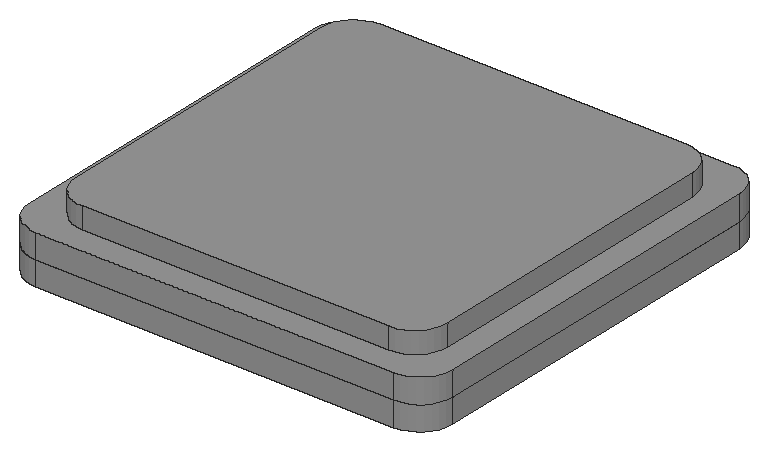
Revit family "FMS2_63_UN_Surface-mounted_ETK", category Lighting Fixtures, Revit 2019 (continued)
Definition of nested family "FMS.2 - Lightsource"
  Types (14, lengths in mm): name | Wattage Comments | Wattage | built-in parameter 1150134 | Photometric Web File | built-in parameter 1150142 | built-in parameter 1150105 | Lumens | built-in parameter 1150107 | built-in parameter 1150106 | Apparent Load
      6301\t456.8348\t455.1776\t453.3823\t451.7251\r\n449.9298\t448.2726\t446.063\t443.4391\t440.6771\t437.777\t435.015\t432.3911\t429.7672\t427.0052\r\n424.1051\t421.3431\t418.443\t415.681\t412.7809\t410.0189\t407.2569\t404.4949\t401.5948\t398.6947\r\n395.7946\t393.0326\t390.1325\t387.3705\t384.6085\t381.5703\t378.6702\t375.7701\t372.7319\t369.8318\r\n366.9317\t364.1697\t361.2696\t358.5076\t355.6075\t352.7074\t349.6692\t346.7691\t343.869\t340.6927\r\n337.1021\t333.3734\t329.7828\t326.1922\t322.6016\t319.011\t315.4204\t311.8298\t308.2392\t304.6486\r\n301.058\t297.4674\t293.8768\t290.2862\t286.6956\t283.105\t279.5144\t276.0619\t272.4713\t268.8807\r\n265.2901\t261.8376\t258.3851\t254.9326\t251.4801\t248.0276\t244.5751\t241.1226\t237.6701\t234.2176\r\n230.627\t226.7602\t222.8934\t219.0266\t215.2979\t211.4311\t207.7024\t203.8356\t200.1069\t196.3782\r\n192.6495\t188.9208\t185.1921\t181.4634\t177.8728\t174.1441\t170.5535\t166.8248\t163.2342\t159.6436\r\n156.053\t152.4624\t148.8718\t145.2812\t141.8287\t138.2381\t134.7718\t131.2088\t127.6596\t124.1243\r\n120.6027\t117.095\t113.6149\t110.1624\t106.7099\t103.285\t99.8739\t96.4628\t93.0794\t89.696\r\n86.3263\t82.9705\t79.6285\t76.3003\t72.972\t69.6715\t66.3709\t63.0841\t59.8111\t54.3562\r\n46.3325\t38.3089\t30.2991\t22.2893\t14.2934\t6.2863\t0\t0\t0\t0\r\n0\t0\t0\t0\t0\t0\t0\t0\t0\t0\r\n0\r\n502.9602\t501.8554\t500.7506\t499.6458\t498.6791\t497.7124\t496.8838\t495.779\t494.6742\t493.7075\r\n492.6027\t491.636\t490.5312\t489.4264\t488.3216\t487.2168\t485.9739\t484.731\t483.4881\t482.2452\r\n480.8642\t479.6213\t478.3784\t476.9974\t475.6164\t474.3735\t472.9925\t471.6115\t470.2305\t468.8495\r\n467.3304\t465.9494\t464.4303\t462.9112\t461.3921\t459.873\t458.3539\t456.9729\t455.4538\t453.2442\r\n450.6203\t447.8583\t445.2344\t442.6105\t439.8485\t437.2246\t434.6007\t431.9768\t429.3529\t426.5909\r\n423.8289\t421.0669\t418.443\t415.681\t413.0571\t410.2951\t407.5331\t404.7711\t402.0091\t399.2471\r\n396.4851\t393.7231\t390.9611\t388.3372\t385.5752\t382.8132\t380.0512\t377.2892\t374.5272\t371.7652\r\n369.0032\t366.2412\t363.4792\t360.5791\t357.8171\t354.0884\t350.6359\t347.0453\t343.4547\t340.0022\r\n336.5497\t332.9591\t329.5066\t325.916\t322.4635\t318.8729\t315.2823\t311.8298\t308.2392\t304.7867\r\n301.3342\t297.8817\t294.2911\t290.8386\t287.3861\t283.9336\t280.4811\t277.0286\t273.5761\t270.1236\r\n266.6711\t263.2186\t259.9042\t256.4517\t252.9992\t249.6848\t245.818\t241.9512\t238.2225\t234.3557\r\n230.627\t226.7602\t223.0315\t219.1647\t215.436\t211.7073\t207.9786\t204.2499\t200.5212\t196.7925\r\n193.2019\t189.4732\t185.7445\t182.1539\t178.5633\t174.8346\t171.244\t167.6534\t164.0628\t160.4722\r\n156.8816\t153.291\t149.7004\t146.1098\t142.5192\t138.9286\t135.338\t131.7612\t128.212\t124.6629\r\n121.1275\t117.5922\t114.0706\t110.5629\t107.0689\t103.575\t100.1087\t96.6424\t93.2037\t89.765\r\n86.3401\t82.9152\t79.5042\t76.0931\t72.6958\t69.3124\t65.9289\t61.6064\t53.4999\t45.4073\r\n37.3008\t29.222\t21.1293\t13.0463\t4.9661\t0\t0\t0\t0\t0\r\n0\t0\t0\t0\t0\t0\t0\t0\t0\t0\r\n0\r\n502.9602\t501.8554\t500.7506\t499.6458\t498.6791\t497.7124\t496.7457\t495.779\t494.6742\t493.5694\r\n492.6027\t491.4979\t490.3931\t489.4264\t488.3216\t487.2168\t486.112\t484.8691\t483.7643\t482.5214\r\n481.2785\t480.0356\t478.7927\t477.4117\t476.1688\t474.9259\t473.5449\t472.302\t471.0591\t469.6781\r\n468.2971\t466.9161\t465.5351\t464.2922\t462.9112\t461.5302\t460.0111\t457.6634\t455.0395\t452.5537\r\n450.0679\t447.5821\t444.9582\t442.4724\t439.8485\t437.2246\t434.4626\t431.8387\t429.2148\t426.5909\r\n423.967\t421.3431\t418.7192\t416.2334\t413.4714\t410.8475\t408.2236\t405.4616\t402.8377\t400.2138\r\n397.5899\t394.966\t392.3421\t389.5801\t386.9562\t384.1942\t381.5703\t378.9464\t376.3225\t373.6986\r\n371.0747\t367.7603\t364.3078\t360.8553\t357.4028\t353.9503\t350.4978\t347.0453\t343.5928\t340.0022\r\n336.6878\t333.2353\t329.7828\t326.1922\t322.7397\t319.2872\t315.8347\t312.3822\t308.9297\t305.4772\r\n302.0247\t298.7103\t295.2578\t291.9434\t288.4909\t285.1765\t281.724\t278.2715\t274.9571\t271.5046\r\n268.1902\t264.8758\t261.1471\t257.4184\t253.5516\t249.8229\t245.9561\t242.2274\t238.4987\t234.6319\r\n230.9032\t227.1745\t223.4458\t219.7171\t215.9884\t212.2597\t208.531\t204.9404\t201.2117\t197.483\r\n193.8924\t190.1637\t186.5731\t182.8444\t179.2538\t175.5251\t171.9345\t168.3439\t164.7533\t161.1627\r\n157.434\t153.8434\t150.1147\t146.5241\t142.9335\t139.3429\t135.7385\t132.1617\t128.5849\t125.0219\r\n121.4728\t117.9236\t114.3882\t110.8529\t107.3175\t103.7822\t100.2606\t96.739\t93.2313\t89.7236\r\n86.2296\t82.7357\t79.2556\t75.7893\t72.3092\t68.8428\t61.7998\t53.6104\t45.4349\t37.2594\r\n29.0839\t20.9222\t12.7535\t4.5891\t0\t0\t0\t0\t0\t0\r\n0\t0\t0\t0\t0\t0\t0\t0\t0\t0\r\n0\r\n502.9602\t501.8554\t500.7506\t499.6458\t498.541\t497.5743\t496.6076\t495.6409\t494.6742\t493.5694\r\n492.6027\t491.4979\t490.3931\t489.4264\t488.3216\t487.2168\t486.2501\t485.1453\t483.9024\t482.7976\r\n481.6928\t480.4499\t479.3451\t478.1022\t476.8593\t475.6164\t474.3735\t473.1306\t471.8877\t470.6448\r\n469.4019\t468.159\t466.9161\t465.6732\t464.2922\t462.2207\t459.7349\t457.2491\t454.7633\t452.4156\r\n449.9298\t447.444\t444.8201\t442.3343\t439.7104\t437.2246\t434.7388\t432.253\t429.6291\t427.1433\r\n424.6575\t422.0336\t419.4097\t416.9239\t414.3\t411.6761\t409.1903\t406.5664\t404.0806\t401.4567\r\n398.8328\t396.347\t393.7231\t391.2373\t388.6134\t385.9895\t383.5037\t380.8798\t377.8416\t374.3891\r\n370.9366\t367.6222\t364.1697\t360.7172\t357.2647\t353.9503\t350.4978\t347.1834\t343.7309\t340.2784\r\n336.964\t333.5115\t330.1971\t326.7446\t323.4302\t319.9777\t316.6633\t313.2108\t309.8964\t306.582\r\n303.1295\t299.8151\t296.5007\t293.1863\t289.8719\t286.4194\t283.105\t279.7906\t276.4762\t272.8856\r\n269.0188\t265.2901\t261.4233\t257.6946\t253.9659\t250.2372\t246.3704\t242.6417\t238.913\t235.1843\r\n231.4556\t227.7269\t223.9982\t220.2695\t216.6789\t212.9502\t209.2215\t205.6309\t201.9022\t198.1735\r\n194.5829\t190.8542\t187.2636\t183.673\t179.9443\t176.3537\t172.7631\t169.0344\t165.4438\t161.7151\r\n158.1245\t154.3958\t150.8052\t147.0765\t143.4859\t139.8953\t136.1942\t132.576\t128.9578\t125.3534\r\n121.749\t118.1722\t114.5816\t111.0048\t107.428\t103.865\t100.2882\t96.739\t93.1761\t89.6269\r\n86.0777\t82.5286\t78.9932\t75.444\t71.301\t63.0288\t54.7705\t46.4983\t38.2399\t29.9953\r\n21.7369\t13.4896\t5.2423\t0\t0\t0\t0\t0\t0\t0\r\n0\t0\t0\t0\t0\t0\t0\t0\t0\t0\r\n0\r\n502.9602\t501.8554\t500.7506\t499.6458\t498.6791\t497.5743\t496.6076\t495.6409\t494.6742\t493.7075\r\n492.6027\t491.636\t490.5312\t489.4264\t488.4597\t487.3549\t486.3882\t485.2834\t484.1786\t483.2119\r\n482.1071\t481.0023\t479.8975\t478.7927\t477.6879\t476.445\t475.3402\t474.0973\t472.8544\t471.7496\r\n470.5067\t469.2638\t468.0209\t466.778\t464.4303\t461.9445\t459.5968\t457.2491\t454.7633\t452.2775\r\n449.9298\t447.444\t444.9582\t442.4724\t440.1247\t437.6389\t435.1531\t432.6673\t430.1815\t427.6957\r\n425.2099\t422.7241\t420.2383\t417.7525\t415.2667\t412.7809\t410.4332\t407.9474\t405.4616\t402.9758\r\n400.49\t398.0042\t395.5184\t393.0326\t390.5468\t388.061\t384.6085\t381.2941\t377.8416\t374.5272\r\n371.0747\t367.7603\t364.4459\t360.9934\t357.679\t354.3646\t351.0502\t347.7358\t344.2833\t340.9689\r\n337.6545\t334.3401\t331.0257\t327.7113\t324.2588\t320.9444\t317.63\t314.3156\t311.0012\t307.6868\r\n304.3724\t301.058\t297.8817\t294.5673\t291.2529\t287.9385\t284.486\t280.7573\t276.8905\t273.1618\r\n269.4331\t265.7044\t261.8376\t258.1089\t254.3802\t250.6515\t246.9228\t243.3322\t239.6035\t235.8748\r\n232.1461\t228.4174\t224.6887\t221.0981\t217.3694\t213.6407\t210.0501\t206.3214\t202.7308\t199.0021\r\n195.4115\t191.6828\t188.0922\t184.3635\t180.7729\t177.0442\t173.4536\t169.7249\t165.9962\t162.4056\r\n158.6769\t154.9482\t151.3576\t147.6289\t144.0383\t140.3096\t136.7052\t133.0455\t129.3859\t125.74\r\n122.0942\t118.4622\t114.8302\t111.1981\t107.5799\t103.9617\t100.3435\t96.7252\t93.1208\t89.5164\r\n85.912\t82.3214\t78.7308\t73.704\t65.3627\t57.0215\t48.6803\t40.339\t32.0116\t23.6703\r\n15.3429\t7.0072\t0\t0\t0\t0\t0\t0\t0\t0\r\n0\t0\t0\t0\t0\t0\t0\t0\t0\t0\r\n0\r\n502.9602\t501.8554\t500.8887\t499.7839\t498.6791\t497.7124\t496.6076\t495.6409\t494.6742\t493.7075\r\n492.7408\t491.7741\t490.8074\t489.7026\t488.5978\t487.6311\t486.5263\t485.5596\t484.4548\t483.4881\r\n482.3833\t481.4166\t480.4499\t479.3451\t478.2403\t477.2736\t476.1688\t475.064\t474.0973\t472.9925\r\n471.8877\t470.6448\t469.4019\t466.9161\t464.4303\t462.0826\t459.5968\t457.2491\t454.7633\t452.4156\r\n450.0679\t447.5821\t445.2344\t442.8867\t440.4009\t438.0532\t435.7055\t433.2197\t430.872\t428.3862\r\n426.0385\t423.6908\t421.205\t418.8573\t416.5096\t414.1619\t411.6761\t409.1903\t406.8426\t404.3568\r\n402.0091\t399.5233\t397.1756\t394.6898\t391.5135\t388.1991\t384.8847\t381.5703\t378.2559\t374.9415\r\n371.6271\t368.3127\t364.9983\t361.6839\t358.3695\t355.0551\t351.7407\t348.4263\t345.1119\t341.9356\r\n338.6212\t335.3068\t331.9924\t328.678\t325.3636\t322.0492\t318.7348\t315.5585\t312.2441\t308.9297\r\n305.6153\t302.439\t299.1246\t295.9483\t292.4958\t288.7671\t285.0384\t281.3097\t277.581\t273.8523\r\n270.1236\t266.3949\t262.6662\t258.9375\t255.2088\t251.4801\t247.7514\t244.0227\t240.294\t236.5653\r\n232.8366\t229.246\t225.5173\t221.7886\t218.0599\t214.3312\t210.7406\t207.0119\t203.2832\t199.6926\r\n195.9639\t192.3733\t188.6446\t185.054\t181.3253\t177.5966\t174.006\t170.2773\t166.5486\t162.8199\r\n159.2293\t155.5006\t151.7719\t148.1813\t144.4526\t140.7239\t137.0781\t133.4046\t129.7311\t126.0577\r\n122.398\t118.7246\t115.0649\t111.4053\t107.7594\t104.0998\t100.4401\t96.7943\t93.1485\t89.5026\r\n85.8568\t82.2109\t77.2946\t68.8705\t60.4602\t52.0361\t43.612\t35.2017\t26.7776\t18.3673\r\n9.9584\t1.5467\t0\t0\t0\t0\t0\t0\t0\t0\r\n0\t0\t0\t0\t0\t0\t0\t0\t0\t0\r\n0\r\n502.9602\t501.9935\t500.8887\t499.7839\t498.8172\t497.8505\t496.7457\t495.779\t494.8123\t493.8456\r\n492.8789\t491.9122\t490.9455\t489.9788\t489.0121\t487.9073\t486.9406\t485.9739\t485.0072\t483.9024\r\n482.9357\t481.969\t480.8642\t479.8975\t478.9308\t477.826\t476.8593\t475.8926\t474.7878\t473.8211\r\n472.8544\t471.7496\t469.54\t467.1923\t464.8446\t462.4969\t460.1492\t457.8015\t455.4538\t453.1061\r\n450.7584\t448.2726\t445.9249\t443.5772\t441.0914\t438.7437\t436.396\t434.0483\t431.7006\t429.2148\r\n426.8671\t424.5194\t422.1717\t419.824\t417.4763\t415.2667\t412.919\t410.4332\t408.0855\t405.7378\r\n403.3901\t400.9043\t398.2804\t394.966\t391.7897\t388.4753\t385.1609\t381.9846\t378.6702\t375.4939\r\n372.1795\t369.0032\t365.6888\t362.5125\t359.1981\t356.0218\t352.7074\t349.393\t346.0786\t342.9023\r\n339.5879\t336.4116\t333.0972\t329.7828\t326.6065\t323.2921\t320.1158\t316.8014\t313.6251\t310.3107\r\n307.1344\t303.82\t300.6437\t296.915\t293.1863\t289.4576\t285.7289\t282.0002\t278.2715\t274.5428\r\n270.8141\t267.0854\t263.3567\t259.628\t255.8993\t252.1706\t248.58\t244.8513\t241.1226\t237.3939\r\n233.6652\t229.9365\t226.3459\t222.6172\t218.8885\t215.2979\t211.5692\t207.8405\t204.2499\t200.5212\r\n196.7925\t193.2019\t189.4732\t185.7445\t182.0158\t178.2871\t174.5584\t170.8297\t167.101\t163.5104\r\n159.7817\t156.053\t152.3243\t148.5956\t144.8669\t141.1382\t137.5062\t133.8051\t130.104\t126.4167\r\n122.7157\t119.0284\t115.3411\t111.64\t107.9528\t104.2655\t100.5782\t96.891\t93.2175\t89.5302\r\n85.843\t82.059\t73.5659\t65.0727\t56.5796\t48.1002\t39.6071\t31.1277\t22.6346\t14.1553\r\n5.6704\t0\t0\t0\t0\t0\t0\t0\t0\t0\r\n0\t0\t0\t0\t0\t0\t0\t0\t0\t0\r\n0\r\n502.9602\t501.9935\t501.0268\t499.922\t498.9553\t497.9886\t497.0219\t495.9171\t494.9504\t493.9837\r\n493.017\t492.0503\t491.0836\t490.1169\t489.1502\t488.3216\t487.3549\t486.3882\t485.4215\t484.4548\r\n483.4881\t482.5214\t481.5547\t480.588\t479.6213\t478.6546\t477.6879\t476.7212\t475.7545\t474.7878\r\n473.8211\t472.0258\t469.6781\t467.4685\t465.1208\t462.7731\t460.4254\t458.0777\t455.8681\t453.5204\r\n451.1727\t448.825\t446.6154\t444.2677\t441.92\t439.5723\t437.2246\t435.015\t432.6673\t430.3196\r\n427.9719\t425.7623\t423.4146\t421.0669\t418.7192\t416.3715\t414.1619\t411.8142\t409.4665\t407.2569\r\n404.9092\t402.2853\t399.109\t395.7946\t392.4802\t389.3039\t385.9895\t382.8132\t379.4988\t376.3225\r\n373.0081\t369.8318\t366.5174\t363.203\t360.0267\t356.8504\t353.536\t350.3597\t347.0453\t343.869\r\n340.5546\t337.3783\t334.0639\t330.8876\t327.7113\t324.3969\t321.2206\t317.9062\t314.7299\t311.5536\r\n308.2392\t305.0629\t301.3342\t297.6055\t293.8768\t290.1481\t286.4194\t282.8288\t279.1001\t275.3714\r\n271.6427\t267.914\t264.3234\t260.5947\t256.866\t253.1373\t249.4086\t245.818\t242.0893\t238.3606\r\n234.6319\t230.9032\t227.1745\t223.5839\t219.8552\t216.1265\t212.3978\t208.6691\t205.0785\t201.3498\r\n197.6211\t194.0305\t190.3018\t186.435\t182.7063\t178.9776\t175.2489\t171.5202\t167.7915\t164.0628\r\n160.3341\t156.6054\t152.8767\t149.148\t145.4193\t141.6906\t138.031\t134.3022\t130.5874\t126.8725\r\n123.1438\t119.4289\t115.7002\t111.9853\t108.2704\t104.5555\t100.8406\t97.1257\t93.4108\t89.696\r\n85.9811\t79.5318\t70.9834\t62.4212\t53.8728\t45.3106\t36.7622\t28.2\t19.6516\t11.0991\r\n2.5479\t0\t0\t0\t0\t0\t0\t0\t0\t0\r\n0\t0\t0\t0\t0\t0\t0\t0\t0\t0\r\n0\r\n502.9602\t501.9935\t501.0268\t500.0601\t499.0934\t498.1267\t497.16\t496.3314\t495.3647\t494.398\r\n493.4313\t492.4646\t491.4979\t490.5312\t489.7026\t488.7359\t487.7692\t486.8025\t485.9739\t485.0072\r\n484.0405\t483.0738\t482.2452\t481.2785\t480.3118\t479.4832\t478.5165\t477.5498\t476.7212\t475.7545\r\n474.7878\t472.7163\t470.3686\t468.0209\t465.8113\t463.4636\t461.254\t458.9063\t456.5586\t454.349\r\n452.0013\t449.7917\t447.444\t445.2344\t442.8867\t440.539\t438.3294\t435.9817\t433.7721\t431.4244\r\n429.2148\t426.8671\t424.5194\t422.3098\t419.9621\t417.7525\t415.4048\t413.1952\t410.8475\t408.4998\r\n406.2902\t403.252\t399.9376\t396.7613\t393.4469\t390.2706\t386.9562\t383.7799\t380.6036\t377.2892\r\n374.1129\t370.7985\t367.6222\t364.4459\t361.1315\t357.9552\t354.6408\t351.4645\t348.2882\t344.9738\r\n341.7975\t338.4831\t335.3068\t332.1305\t328.8161\t325.6398\t322.4635\t319.1491\t315.9728\t312.7965\r\n309.4821\t305.8915\t302.1628\t298.5722\t294.8435\t291.1148\t287.3861\t283.6574\t279.9287\t276.2\r\n272.6094\t268.8807\t265.152\t261.4233\t257.6946\t253.9659\t250.3753\t246.6466\t242.9179\t239.1892\r\n235.4605\t231.8699\t228.1412\t224.4125\t220.6838\t216.9551\t213.3645\t209.6358\t205.9071\t202.1784\r\n198.4497\t194.721\t190.9923\t187.2636\t183.5349\t179.8062\t176.0775\t172.3488\t168.482\t164.7533\r\n161.0246\t157.2959\t153.5672\t149.8385\t146.1098\t142.3811\t138.6524\t134.8685\t131.126\t127.3834\r\n123.6547\t119.9122\t116.1697\t112.4272\t108.6985\t104.956\t101.2135\t97.4848\t93.7423\t90.0136\r\n86.2711\t78.1922\t69.5748\t60.9573\t52.3399\t43.7225\t35.105\t26.4876\t17.8701\t9.2582\r\n0.6424\t0\t0\t0\t0\t0\t0\t0\t0\t0\r\n0\t0\t0\t0\t0\t0\t0\t0\t0\t0\r\n0\r\n502.9602\t502.1316\t501.1649\t500.1982\t499.3696\t498.4029\t497.5743\t496.6076\t495.6409\t494.8123\r\n493.8456\t493.017\t492.0503\t491.0836\t490.255\t489.2883\t488.4597\t487.493\t486.5263\t485.6977\r\n484.731\t483.9024\t482.9357\t482.1071\t481.1404\t480.1737\t479.3451\t478.3784\t477.5498\t476.5831\r\n475.6164\t473.4068\t471.0591\t468.8495\t466.6399\t464.2922\t462.0826\t459.7349\t457.5253\t455.1776\r\n452.968\t450.6203\t448.4107\t446.063\t443.8534\t441.6438\t439.2961\t437.0865\t434.7388\t432.5292\r\n430.1815\t427.9719\t425.6242\t423.4146\t421.0669\t418.8573\t416.5096\t414.3\t412.0904\t409.7427\r\n407.5331\t404.2187\t401.0424\t397.8661\t394.5517\t391.3754\t388.1991\t385.0228\t381.7084\t378.5321\r\n375.3558\t372.0414\t368.8651\t365.6888\t362.3744\t359.1981\t356.0218\t352.8455\t349.5311\t346.3548\r\n343.1785\t339.8641\t336.6878\t333.5115\t330.1971\t327.0208\t323.8445\t320.5301\t317.3538\t314.1775\r\n311.0012\t307.2725\t303.5438\t299.8151\t296.0864\t292.3577\t288.629\t284.9003\t281.1716\t277.4429\r\n273.7142\t269.9855\t266.2568\t262.5281\t258.7994\t255.0707\t251.342\t247.6133\t244.0227\t240.294\r\n236.5653\t232.8366\t229.1079\t225.3792\t221.6505\t217.9218\t214.1931\t210.4644\t206.7357\t203.007\r\n199.2783\t195.5496\t191.8209\t188.0922\t184.2254\t180.4967\t176.768\t173.0393\t169.3106\t165.5819\r\n161.7151\t157.9864\t154.2577\t150.529\t146.8003\t142.9335\t139.2048\t135.4761\t131.7336\t127.9773\r\n124.221\t120.4646\t116.7083\t112.952\t109.1957\t105.4532\t101.6968\t97.9405\t94.1842\t90.4279\r\n86.6716\t78.0127\t69.34\t60.6673\t52.0085\t43.3358\t34.6769\t26.0042\t17.3316\t8.6672\r\n0\t0\t0\t0\t0\t0\t0\t0\t0\t0\r\n0\t0\t0\t0\t0\t0\t0\t0\t0\t0\r\n0\r\n502.9602\t501.9935\t501.1649\t500.1982\t499.3696\t498.4029\t497.5743\t496.6076\t495.6409\t494.8123\r\n493.8456\t493.017\t492.1884\t491.2217\t490.3931\t489.4264\t488.5978\t487.6311\t486.8025\t485.9739\r\n485.0072\t484.1786\t483.35\t482.3833\t481.5547\t480.7261\t479.8975\t478.9308\t478.1022\t477.2736\r\n476.445\t474.2354\t472.0258\t469.8162\t467.4685\t465.2589\t463.0493\t460.7016\t458.492\t456.2824\r\n453.9347\t451.7251\t449.5155\t447.1678\t444.9582\t442.6105\t440.4009\t438.0532\t435.8436\t433.4959\r\n431.2863\t428.9386\t426.729\t424.3813\t422.1717\t419.824\t417.6144\t415.2667\t413.0571\t410.7094\r\n408.4998\t405.4616\t402.1472\t398.9709\t395.7946\t392.6183\t389.3039\t386.1276\t382.9513\t379.775\r\n376.4606\t373.2843\t370.108\t366.7936\t363.6173\t360.441\t357.1266\t353.9503\t350.774\t347.5977\r\n344.2833\t341.107\t337.9307\t334.6163\t331.44\t328.2637\t324.9493\t321.773\t318.5967\t315.2823\r\n312.106\t308.5154\t304.7867\t301.058\t297.3293\t293.6006\t289.8719\t286.1432\t282.4145\t278.6858\r\n274.9571\t271.2284\t267.4997\t263.771\t260.0423\t256.3136\t252.5849\t248.8562\t245.1275\t241.3988\r\n237.6701\t233.9414\t230.2127\t226.484\t222.7553\t219.0266\t215.2979\t211.4311\t207.7024\t203.9737\r\n200.245\t196.5163\t192.7876\t189.0589\t185.1921\t181.4634\t177.7347\t173.8679\t170.1392\t166.4105\r\n162.6818\t158.815\t155.0863\t151.3576\t147.4908\t143.7621\t140.0334\t136.2357\t132.4655\t128.6954\r\n124.9253\t121.1551\t117.385\t113.6149\t109.8447\t106.0746\t102.3045\t98.5343\t94.7642\t90.9941\r\n87.224\t79.0623\t70.3481\t61.634\t52.9199\t44.2058\t35.5055\t26.7914\t18.0773\t9.3618\r\n0.6498\t0\t0\t0\t0\t0\t0\t0\t0\t0\r\n0\t0\t0\t0\t0\t0\t0\t0\t0\t0\r\n0\r\n502.9602\t
